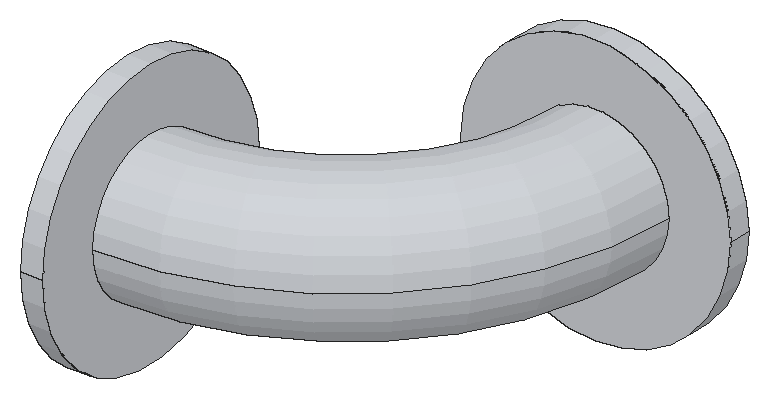
Revit family "M_Cotovelo de raio longo - Flange - GI - Classe 25", category Conexões de tubo, Revit 2019
Family settings
  Cota do conector redondo = Usar raio
  Tipo de parte = Cotovelo
  Número OmniClass = 23.60.30.11.14
  Título OmniClass = Pipework Fittings
  ID de item do Seek = Elbow Long Radius - Flanged - GI - Class 25-0000-CAN-ENU
  Com base no plano de trabalho = Não
  Sempre na vertical = Sim
  Corte com vazios quando carregada = Não
  Compartilhado = Não
Parameters (values of type "Padrão")
  Espessura da parede [instance] = size_lookup(Nome da tabela de pesquisa, "WThk", 0.02 * Diâmetro nominal + 8.334 mm, Diâmetro nominal)  # 11 mm
  Tamanho da marca de revisão [instance] = Diâmetro da flange * 0.4  # 91.6 mm
  Método de perda = Coeficiente K da tabela
  Nome da tabela de pesquisa = "M_Elbow Long Radius - Flanged - GI - Class 25"
  Comprimento 4 [instance] = Comprimento 1 * sin(Ângulo)  # 229 mm
  Comprimento 3 [instance] = Comprimento 1 * cos(Ângulo) + Comprimento 1  # 229 mm
  Tabela de coeficiente K = "Cotovelo com raio longo flangeado 45, 90 e 180"
  Raio externo da conexão [instance] = Diâmetro externo da conexão / 2  # 62 mm
  Diâmetro externo da conexão [instance] = Diâmetro interno da conexão + Espessura da parede * 2  # 124 mm
  Comprimento 2 [instance] = (Raio externo da conexão + 0.794 mm) * tan(Ângulo / 2) + Espessura do flange  # 81.794 mm
  Raio nominal [instance] = 50 mm
  Diâmetro nominal [instance] = Raio nominal * 2  # 100 mm
  Diâmetro interno da conexão [instance] = size_lookup(Nome da tabela de pesquisa, "FID", 1.02 * Diâmetro nominal - 0 mm, Diâmetro nominal)  # 102 mm
  Comprimento 1 [instance] = if(Centro à face > Raio externo da conexão * tan(Ângulo / 2) + Espessura do flange, Centro à face, Comprimento 2)  # 229 mm
  Centro à face [instance] = size_lookup(Nome da tabela de pesquisa, "CtF", 1.27 * Diâmetro nominal + 101.699 mm, Diâmetro nominal)  # 229 mm
  Raio do centro [instance] = (Comprimento 1 - Espessura do flange) / tan(Ângulo / 2)  # 210 mm
  Espessura do flange [instance] = size_lookup(Nome da tabela de pesquisa, "FThk", 0.03 * Diâmetro nominal + 16.768 mm, Diâmetro nominal)  # 19 mm
  Raio da flange [instance] = Diâmetro da flange / 2  # 114.5 mm
  Diâmetro da flange [instance] = size_lookup(Nome da tabela de pesquisa, "FDia", 1.16 * Diâmetro nominal + 119.062 mm, Diâmetro nominal)  # 229 mm
  Assembly Code = ""
  Ângulo [instance] = 90.00°
Reference planes
  plane 1 "Centro (Frente/Trás)": y = 0
  plane 2: z = 0
  plane 3 "Centro (Esquerda/Direita)": x = 0
  plane 4: x = -210
  plane 5: x = -229
  plane 6: y = 210
  plane 7: y = 91.6
  plane 8: y = -91.6
  plane 9: y = 229
  plane 10: x = 0
Forms (mm)
  Sweep 1, solid, detail levels fine
    path in 3D
      loop
        arc (-210, 0, 0) -> (-61.508, 61.508, 0) -> (0, 210, 0) r 210
    profile origin (-61.508, 61.508, 0) x (-0.707107, 0.707107, 0) y (0, 0, 1)
      loop
        circle (0, 0) r 62
  Sweep 2, solid, detail levels fine
    path in 3D
      loop
        line (-229, 0, 0) -> (-210, 0, 0)
    profile origin (-219.5, 0, 0) x (0, 1, 0) y (0, 0, 1)
      loop
        circle (0, 0) r 114.5
  Sweep 3, solid, detail levels fine
    path in 3D
      loop
        line (0, 210, 0) -> (0, 229, 0)
    profile origin (0, 219.5, 0) x (-1, 0, 0) y (0, 0, 1)
      loop
        circle (0, 0) r 114.5
Cuts and joins
  joined: Sweep 1, Sweep 2, Sweep 3
Lines and regions (mm)
  model lines, detail levels coarse+medium
    curve 1: line (-229, 0, 0) -> (-210, 0, 0)
    curve 2: arc (-210, 0, 0) -> (-61.508, 61.508, 0) -> (0, 210, 0) r 210
    curve 3: line (0, 210, 0) -> (0, 229, 0)
    curve 8: line (-229, 0, 0) -> (-229, 91.6, 0)
    curve 9: line (-229, 0, 0) -> (-229, -91.6, 0)
    curve 10: line (0, 229, 0) -> (-91.6, 229, 0)
    curve 11: line (0, 229, 0) -> (91.6, 229, 0)
  sketch lines
    curve 4: arc (-210, 0, 0) -> (-61.508, 61.508, 0) -> (0, 210, 0) r 210
    curve 5: line (-229, 0, 0) -> (-210, 0, 0)
    curve 6: line (0, 210, 0) -> (0, 229, 0)
  reference lines
    curve 7: line (-229, 0, 0) -> (-210, 0, 0)
    curve 12: line (0, 229, 0) -> (0, 210, 0)
Dimensions and locks
  "Raio do centro": plane 6 to plane 1 "Centro (Frente/Trás)"
  "Espessura do flange": plane 5 to plane 4
  "Tamanho da marca de revisão": plane 7 to plane 1 "Centro (Frente/Trás)"
  "Tamanho da marca de revisão": plane 8 to plane 1 "Centro (Frente/Trás)"
  "Espessura do flange": curve 3 to curve 3
  "Tamanho da marca de revisão": curve 10 to curve 10
  "Tamanho da marca de revisão": curve 11 to curve 11
  "Comprimento 1": plane 5 to plane 3 "Centro (Esquerda/Direita)"
  "Comprimento 3": plane 5 to plane 10
  "Comprimento 4": plane 9 to plane 1 "Centro (Frente/Trás)"
  "Raio do centro": radius of curve 2
  "Raio externo da conexão": radius of Sweep 1 sketch curve
  "Raio da flange": radius of Sweep 2 sketch curve
  "Raio da flange": radius of Sweep 3 sketch curve
  "Ângulo": angle curve 2 to curve 2
  "Ângulo": angle plane 1 "Centro (Frente/Trás)" to curve 3
  locked: curve 11 to curve 3 (angle 90.00°)
  locked: curve 3 to curve 10 (angle 90.00°)
  "Ângulo": angle plane 9 to curve 12
  aligned and locked: plane 4 to curve 2
  aligned and locked: plane 5 to curve 7
  aligned and locked: plane 1 "Centro (Frente/Trás)" to curve 7
  aligned and locked: plane 7 to curve 8
  aligned and locked: plane 1 "Centro (Frente/Trás)" to curve 9
  aligned and locked: plane 8 to curve 9
  aligned and locked: curve 9 to plane 5
  aligned and locked: plane 9 to curve 12
  aligned and locked: plane 10 to curve 12
Automatic sketch dimensions
  Sweep 1 sketch curve to profile plane = 0 mm  (x2)
  Sweep 2 sketch curve to profile plane = 0 mm  (x2)
  Sweep 3 sketch curve to profile plane = 0 mm  (x2)
  curve 7 to plane 4 = 0 mm
Connectors
  piping at (-229, 0, 0), diameter 100, driven by "Ângulo", driven by "Raio nominal"
    settings: on cut or joined group of Sweep 1, Sweep 2, Sweep 3, index 1, connector inside diameter 100 mm, connector length 0 mm, flow factor 0, pipe flow 0.0 L/s, pressure drop 0.0 Pa, fitting loss kfactor 0, connector angle 90.00°, fixture units 0, engagement length 0 mm, angle of deflection 0.00°, flow configuration 0, flow direction 0, fitting loss method 0, system type 28, joint type 0, gender type 0, connector reference index 2, connector utility 0, adjustable connector no, is connector primary yes, connector description ""
  piping at (0, 229, 0), diameter 100, driven by "Ângulo", driven by "Raio nominal"
    settings: on cut or joined group of Sweep 1, Sweep 2, Sweep 3, index 2, connector inside diameter 100 mm, connector length 0 mm, flow factor 0, pipe flow 0.0 L/s, pressure drop 0.0 Pa, fitting loss kfactor 0, connector angle 90.00°, fixture units 0, engagement length 0 mm, angle of deflection 0.00°, flow configuration 0, flow direction 0, fitting loss method 0, system type 28, joint type 0, gender type 0, connector reference index 1, connector utility 0, adjustable connector no, is connector primary no, connector description ""
